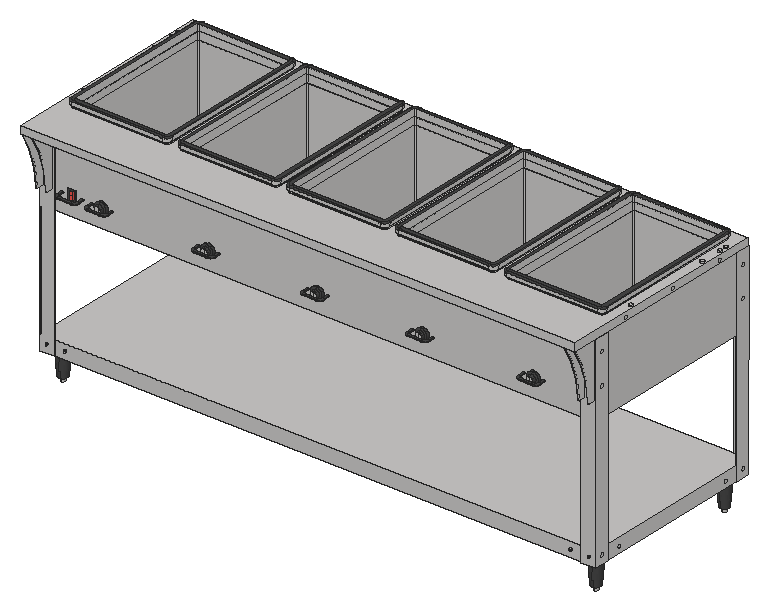
Revit family "QF_VOLLRATH_38219_SERVEWELL_SL_HOT_FOOD_TABLE", category Specialty Equipment, Revit 2022
Family settings
  Round Connector Dimension = Use Diameter
  Part Type = Normal
  Work Plane-Based = No
  Always vertical = Yes
  Cut with Voids When Loaded = No
  Maintain Annotation Orientation = No
  Shared = No
  Room Calculation Point = No
Parameters
  Weight in Pounds = 0
  Watts = 600 W
  Volts = 208 V
  URL Cutsheet = ""
  Specification by User = ""
  Specification by Manufacturer = ""
  Serial Number = ""
  Seismic Rating = ""
  SMACNA No = ""
  Revision Code = ""
  Phase = 1
  Number of Poles = 1
  NAFEM Spec ID Number = ""
  Model = "38219"
  Min Ckt Ampacity = 0 A
  Max Overcurrent Protection = 0 A
  Masterspec = ""
  Manufacturer = "VOLLRATH"
  Length = 76"
  Item Number = ""
  Installed By = ""
  Identify Quantity as Lot = yes
  Height = 34"
  HP = ""
  Furnished By = ""
  Foodservice Equipment Identifier = yes
  FL Amps = 30 A
  Electrical Remarks = ""
  Electric Connection Type = ""
  Elec Conn RI Height = 0"
  Elec Conn Connection Height = 0"
  Description = "SERVEWELL SL HOT FOOD TABLE"
  Depth = 29 1/2"
  Default Elevation = 0"
  Cycle = 0 Hz
  Conn Plug = "NEMA 6-30P"
  Conn Conduit = yes
  CSI MasterFormat = ""
  Apparent Power = if(Phase = 3, Volts * FL Amps * 1.73, Volts * FL Amps)  # 6240 VA
Reference planes (in)
  plane 1 "BACK": y = 0
  plane 2: z = 0
  plane 3 "LEFT": x = 0
  plane 4 "RIGHT": x = 76
  plane 5 "FRONT": y = -29.5
  plane 6 "TOP": z = 34
  plane 7 "Center Y": x = 38
  plane 8 "Center X": y = -14.75
Dimensions and locks (in)
  equal spacing: plane 3 "LEFT", plane 7 "Center Y", plane 4 "RIGHT"
  "Length": plane 3 "LEFT" to plane 4 "RIGHT"
  equal spacing: plane 5 "FRONT", plane 8 "Center X", plane 1 "BACK"
  "Depth": plane 5 "FRONT" to plane 1 "BACK"
  "Height": plane 6 "TOP" to level
  nested 1 to level = 4"
  plane 4 "RIGHT" to plane 3 "LEFT" = 76"
  aligned and locked: level to plane 2
Nested families (in)
  nested 1: "QF_VOLLRATH_38203" at (0, 0, 0), type "QF_VOLLRATH_38203"
Connectors (in)
  electrical at (4.37729, -23.99392, 21.75393)
    settings: on nested 1, index 1, voltage 120 V, apparent load 0 VA, apparent load phase1 0 VA, apparent load phase2 0 VA, apparent load phase3 0 VA, power factor 1, load classification "Other", number of poles 1, system type 30, power factor state 1, is connector primary yes, connector utility no, sub classification motor no, connector description "ELECTRICAL CONNECTION"
Definition of nested family "QF_VOLLRATH_38203"
  Parameters (values of type "QF_VOLLRATH_38203")
    Weight in Pounds = 0
    Watts = 480 W
    Volts = 120 V
    URL Cutsheet = ""
    Specification by User = ""
    Specification by Manufacturer = ""
    Serial Number = ""
    Seismic Rating = ""
    SMACNA No = ""
    Revision Code = ""
    Phase = 0
    Number of Poles = 1
    NAFEM Spec ID Number = ""
    Model = "38204"
    Min Ckt Ampacity = 0 A
    Max Overcurrent Protection = 0 A
    Masterspec = ""
    Manufacturer = "VOLLRATH"
    Length = 76"
    Item Number = ""
    Installed By = ""
    Identify Quantity as Lot = yes
    Height = 34"
    HP = ""
    Furnished By = ""
    Foodservice Equipment Identifier = yes
    FL Amps = 15 A
    Electrical Remarks = ""
    Electric Connection Type = ""
    Elec Conn RI Height = 0"
    Elec Conn Connection Height = 0"
    Description = "SERVEWELL SL HOT FOOD TABLE"
    Depth = 29 1/2"
    Default Elevation = 0"
    Cycle = 0 Hz
    Conn Plug = "NEMA 5-20P"
    Conn Conduit = yes
    CSI MasterFormat = ""
    Apparent Power = if(Phase = 3, Volts * FL Amps * 1.73, Volts * FL Amps)  # 1800 VA
  Reference planes (in)
    plane 1 "BACK": y = 0
    plane 2: z = 0
    plane 3 "LEFT": x = 0
    plane 4 "RIGHT": x = 76
    plane 5 "FRONT": y = -29.5
    plane 6 "TOP": z = 34
    plane 7 "Center Y": x = 38
    plane 8 "Center X": y = -14.75
    plane 9: z = 4
    plane 10: y = -26
    plane 11: z = 6
    plane 12: x = 1.5
    plane 13: y = -18.1465
  Forms (in)
    Extrusion 1, solid
      sketch origin (-38.39759, -180, 34) x (-1, 0, 0) y (0, -1, 0)
        loop
          line (-38.39759, -180) -> (-38.39759, -150.5) -> (-114.39759, -150.5) -> (-114.39759, -180) -> (-38.39759, -180)
        loop
          arc (-52.9681, -178.35363) -> (-52.92233, -178.46411) -> (-52.81185, -178.50988) r 0.15625
          line (-52.81185, -178.50988) -> (-40.4056, -178.50988)
          arc (-40.4056, -178.50988) -> (-40.29511, -178.46411) -> (-40.24935, -178.35363) r 0.15625
          line (-40.24935, -178.35363) -> (-40.24935, -157.60363)
          arc (-40.24935, -157.60363) -> (-40.29511, -157.49314) -> (-40.4056, -157.44738) r 0.15625
          line (-40.4056, -157.44738) -> (-52.81185, -157.44738)
          arc (-52.81185, -157.44738) -> (-52.92233, -157.49314) -> (-52.9681, -157.60363) r 0.15625
          line (-52.9681, -157.60363) -> (-52.9681, -178.35363)
        loop
          line (-55.1556, -178.35363) -> (-55.1556, -157.60363)
          arc (-55.1556, -157.60363) -> (-55.20136, -157.49314) -> (-55.31185, -157.44738) r 0.15625
          line (-55.31185, -157.44738) -> (-67.7181, -157.44738)
          arc (-67.7181, -157.44738) -> (-67.82858, -157.49314) -> (-67.87435, -157.60363) r 0.15625
          line (-67.87435, -157.60363) -> (-67.87435, -178.35363)
          arc (-67.87435, -178.35363) -> (-67.82858, -178.46411) -> (-67.7181, -178.50988) r 0.15625
          line (-67.7181, -178.50988) -> (-55.31185, -178.50988)
          arc (-55.31185, -178.50988) -> (-55.20136, -178.46411) -> (-55.1556, -178.35363) r 0.15625
        loop
          arc (-70.03822, -157.60363) -> (-70.08398, -157.49314) -> (-70.19447, -157.44738) r 0.15625
          line (-70.19447, -157.44738) -> (-82.60072, -157.44738)
          arc (-82.60072, -157.44738) -> (-82.7112, -157.49314) -> (-82.75697, -157.60363) r 0.15625
          line (-82.75697, -157.60363) -> (-82.75697, -178.35363)
          arc (-82.75697, -178.35363) -> (-82.7112, -178.46411) -> (-82.60072, -178.50988) r 0.15625
          line (-82.60072, -178.50988) -> (-70.19447, -178.50988)
          arc (-70.19447, -178.50988) -> (-70.08398, -178.46411) -> (-70.03822, -178.35363) r 0.15625
          line (-70.03822, -178.35363) -> (-70.03822, -157.60363)
        loop
          line (-99.82709, -178.35363) -> (-99.82709, -157.60363)
          arc (-99.82709, -157.60363) -> (-99.87285, -157.49314) -> (-99.98334, -157.44738) r 0.15625
          line (-99.98334, -157.44738) -> (-112.38959, -157.44738)
          arc (-112.38959, -157.44738) -> (-112.50007, -157.49314) -> (-112.54584, -157.60363) r 0.15625
          line (-112.54584, -157.60363) -> (-112.54584, -178.35363)
          arc (-112.54584, -178.35363) -> (-112.50007, -178.46411) -> (-112.38959, -178.50988) r 0.15625
          line (-112.38959, -178.50988) -> (-99.98334, -178.50988)
          arc (-99.98334, -178.50988) -> (-99.87285, -178.46411) -> (-99.82709, -178.35363) r 0.15625
        loop
          arc (-97.63959, -178.35363) -> (-97.59382, -178.46411) -> (-97.48334, -178.50988) r 0.15625
          line (-97.48334, -178.50988) -> (-85.07709, -178.50988)
          arc (-85.07709, -178.50988) -> (-84.9666, -178.46411) -> (-84.92084, -178.35363) r 0.15625
          line (-84.92084, -178.35363) -> (-84.92084, -157.60363)
          arc (-84.92084, -157.60363) -> (-84.9666, -157.49314) -> (-85.07709, -157.44738) r 0.15625
          line (-85.07709, -157.44738) -> (-97.48334, -157.44738)
          arc (-97.48334, -157.44738) -> (-97.59382, -157.49314) -> (-97.63959, -157.60363) r 0.15625
          line (-97.63959, -157.60363) -> (-97.63959, -178.35363)
      from -0.90354 to -1.94773
    Extrusion 2, solid
      sketch origin (0, 0, 0) x (1, 0, 0) y (0, 1, 0)
        loop
          line (0, -26) -> (76, -26) -> (76, 0) -> (0, 0) -> (0, -26)
        loop
          arc (14.5705, -1.64637) -> (14.52474, -1.53589) -> (14.41425, -1.49012) r 0.15625
          line (14.41425, -1.49012) -> (2.008, -1.49012)
          arc (2.008, -1.49012) -> (1.89752, -1.53589) -> (1.85175, -1.64637) r 0.15625
          line (1.85175, -1.64637) -> (1.85175, -22.39637)
          arc (1.85175, -22.39637) -> (1.89752, -22.50686) -> (2.008, -22.55262) r 0.15625
          line (2.008, -22.55262) -> (14.41425, -22.55262)
          arc (14.41425, -22.55262) -> (14.52474, -22.50686) -> (14.5705, -22.39637) r 0.15625
          line (14.5705, -22.39637) -> (14.5705, -1.64637)
        loop
          arc (29.47675, -1.64637) -> (29.43099, -1.53589) -> (29.3205, -1.49012) r 0.15625
          line (29.3205, -1.49012) -> (16.91425, -1.49012)
          arc (16.91425, -1.49012) -> (16.80377, -1.53589) -> (16.758, -1.64637) r 0.15625
          line (16.758, -1.64637) -> (16.758, -22.39637)
          arc (16.758, -22.39637) -> (16.80377, -22.50686) -> (16.91425, -22.55262) r 0.15625
          line (16.91425, -22.55262) -> (29.3205, -22.55262)
          arc (29.3205, -22.55262) -> (29.43099, -22.50686) -> (29.47675, -22.39637) r 0.15625
          line (29.47675, -22.39637) -> (29.47675, -1.64637)
        loop
          arc (44.35937, -1.64637) -> (44.31361, -1.53589) -> (44.20313, -1.49012) r 0.15625
          line (44.20313, -1.49012) -> (31.79687, -1.49012)
          arc (31.79687, -1.49012) -> (31.68639, -1.53589) -> (31.64063, -1.64637) r 0.15625
          line (31.64063, -1.64637) -> (31.64063, -22.39637)
          arc (31.64063, -22.39637) -> (31.68639, -22.50686) -> (31.79687, -22.55262) r 0.15625
          line (31.79687, -22.55262) -> (44.20313, -22.55262)
          arc (44.20313, -22.55262) -> (44.31361, -22.50686) -> (44.35937, -22.39637) r 0.15625
          line (44.35937, -22.39637) -> (44.35937, -1.64637)
        loop
          arc (59.242, -1.64637) -> (59.19623, -1.53589) -> (59.08575, -1.49012) r 0.15625
          line (59.08575, -1.49012) -> (46.6795, -1.49012)
          arc (46.6795, -1.49012) -> (46.56901, -1.53589) -> (46.52325, -1.64637) r 0.15625
          line (46.52325, -1.64637) -> (46.52325, -22.39637)
          arc (46.52325, -22.39637) -> (46.56901, -22.50686) -> (46.6795, -22.55262) r 0.15625
          line (46.6795, -22.55262) -> (59.08575, -22.55262)
          arc (59.08575, -22.55262) -> (59.19623, -22.50686) -> (59.242, -22.39637) r 0.15625
          line (59.242, -22.39637) -> (59.242, -1.64637)
        loop
          arc (74.14825, -1.64637) -> (74.10248, -1.53589) -> (73.992, -1.49012) r 0.15625
          line (73.992, -1.49012) -> (61.58575, -1.49012)
          arc (61.58575, -1.49012) -> (61.47526, -1.53589) -> (61.4295, -1.64637) r 0.15625
          line (61.4295, -1.64637) -> (61.4295, -22.39637)
          arc (61.4295, -22.39637) -> (61.47526, -22.50686) -> (61.58575, -22.55262) r 0.15625
          line (61.58575, -22.55262) -> (73.992, -22.55262)
          arc (73.992, -22.55262) -> (74.10248, -22.50686) -> (74.14825, -22.39637) r 0.15625
          line (74.14825, -22.39637) -> (74.14825, -1.64637)
      from 21.87893 to 32.05227
    Extrusion 3, solid
      sketch origin (0, 0, 0) x (1, 0, 0) y (0, 1, 0)
        loop
          line (-0.0625, -26.0625) -> (1.9375, -26.0625) -> (1.9375, -26) -> (0, -26) -> (0, -24.0625) -> (-0.0625, -24.0625) -> (-0.0625, -26.0625)
        loop
          line (-0.0625, 0.0625) -> (-0.0625, -1.9375) -> (0, -1.9375) -> (0, 0) -> (1.9375, 0) -> (1.9375, 0.0625) -> (-0.0625, 0.0625)
        loop
          line (76.0625, -26.0625) -> (76.0625, -24.0625) -> (76, -24.0625) -> (76, -26) -> (74.0625, -26) -> (74.0625, -26.0625) -> (76.0625, -26.0625)
        loop
          line (76.0625, 0.0625) -> (74.0625, 0.0625) -> (74.0625, 0) -> (76, 0) -> (76, -1.9375) -> (76.0625, -1.9375) -> (76.0625, 0.0625)
      from 4 to 32.05227
    Extrusion 4, solid
      sketch origin (0, -180, 4) x (-1, 0, 0) y (0, -1, 0)
        loop
          line (0, -180) -> (0, -154) -> (-76, -154) -> (-76, -180) -> (0, -180)
      from 0 to 2
    Sweep 5, solid
      path origin (0, 0, 0) x (1, 0, 0) y (0, 1, 0)
        loop
          arc (2.008, -1.14637) -> (1.65445, -1.29282) -> (1.508, -1.64637) r 0.5
          line (1.508, -1.64637) -> (1.508, -22.39637)
          arc (1.508, -22.39637) -> (1.65445, -22.74993) -> (2.008, -22.89637) r 0.5
          line (2.008, -22.89637) -> (14.41425, -22.89637)
          arc (14.41425, -22.89637) -> (14.76781, -22.74993) -> (14.91425, -22.39637) r 0.5
          line (14.91425, -22.39637) -> (14.91425, -1.64637)
          arc (14.91425, -1.64637) -> (14.76781, -1.29282) -> (14.41425, -1.14637) r 0.5
          line (14.41425, -1.14637) -> (2.008, -1.14637)
      profile origin (8.21113, -1.14637, 0) x (0, 1, 0) y (0, 0, 1)
        loop
          arc (0.21875, 33.86984) -> (0.18063, 33.96188) -> (0.08859, 34) r 0.13016
          line (0.08859, 34) -> (-0.34375, 34) -> (-0.34375, 21.87893) -> (0, 21.87893) -> (0, 33.09646)
          arc (0, 33.09646) -> (-0.07256, 33.26176) -> (-0.03125, 33.4375) r 0.285
          line (-0.03125, 33.4375) -> (0.21875, 33.4375) -> (0.21875, 33.86984)
    Extrusion 6, solid
      sketch origin (0, 0, 0) x (0, 1, 0) y (0, 0, 1)
        loop
          arc (-29.38523, 32.05227) -> (-27.76168, 28.48926) -> (-27.05801, 24.63752) r 15.90135
          arc (-27.05801, 24.63752) -> (-26.98006, 24.47007) -> (-26.80842, 24.40183) r 0.25
          line (-26.80842, 24.40183) -> (-26.0625, 24.40183) -> (-26.0625, 32.05227) -> (-29.38523, 32.05227)
      from 0.19267 to 0.26943
    Extrusion 7, solid
      sketch origin (1.38301, 0, 0) x (0, 1, 0) y (0, 0, 1)
        loop
          arc (-29.38523, 32.05227) -> (-27.76168, 28.48926) -> (-27.05801, 24.63752) r 15.90135
          arc (-27.05801, 24.63752) -> (-26.98006, 24.47007) -> (-26.80842, 24.40183) r 0.25
          line (-26.80842, 24.40183) -> (-26.0625, 24.40183) -> (-26.0625, 32.05227) -> (-29.38523, 32.05227)
      from 0.12501 to 0.21028
    Revolve 8, solid
      sketch origin (8.383, 0.0625, 0) x (0, 1, 0) y (0, 0, 1)
        loop
          line (-26.0625, 24.44451) -> (-26.0625, 25.25473) -> (-26.36725, 25.25473) -> (-26.50448, 24.94383) -> (-26.8125, 24.8613) -> (-26.8125, 24.44451) -> (-26.0625, 24.44451)
        axis (-26.8125, 24.44451) -> (-26.0625, 24.44451)
      angle from 0 to 360
    Sweep 9, solid
      path origin (0, 0, 0) x (1, 0, 0) y (0, 1, 0)
        loop
          line (7, -26) -> (7, -26.83521)
          arc (7, -26.83521) -> (7.12149, -27.12851) -> (7.41479, -27.25) r 0.41479
          line (7.41479, -27.25) -> (9.33594, -27.25)
          arc (9.33594, -27.25) -> (9.62872, -27.12872) -> (9.75, -26.83594) r 0.41406
          line (9.75, -26.83594) -> (9.75, -26)
      profile origin (8.37537, -27.25, 0) x (0, 1, 0) y (0, 0, 1)
        loop
          circle (0, 24.4375) r 0.125
    Revolve 10, solid
      sketch origin (23, 0.0625, 0) x (0, 1, 0) y (0, 0, 1)
        loop
          line (-26.0625, 24.44451) -> (-26.0625, 25.25473) -> (-26.36725, 25.25473) -> (-26.50448, 24.94383) -> (-26.8125, 24.8613) -> (-26.8125, 24.44451) -> (-26.0625, 24.44451)
        axis (-26.8125, 24.44451) -> (-26.0625, 24.44451)
      angle from 0 to 360
    Sweep 11, solid
      path origin (-0.37852, 0, 0) x (1, 0, 0) y (0, 1, 0)
        loop
          line (22, -26) -> (22, -26.83521)
          arc (22, -26.83521) -> (22.12149, -27.12851) -> (22.41479, -27.25) r 0.41479
          line (22.41479, -27.25) -> (24.33594, -27.25)
          arc (24.33594, -27.25) -> (24.62872, -27.12872) -> (24.75, -26.83594) r 0.41406
          line (24.75, -26.83594) -> (24.75, -26)
      profile origin (22.99685, -27.25, 0) x (0, 1, 0) y (0, 0, 1)
        loop
          circle (0, 24.4375) r 0.125
    Revolve 12, solid
      sketch origin (37.992, 0.0625, 0) x (0, 1, 0) y (0, 0, -1)
        loop
          line (-26.0625, -24.44451) -> (-26.8125, -24.44451) -> (-26.8125, -24.8613) -> (-26.50448, -24.94383) -> (-26.36725, -25.25473) -> (-26.0625, -25.25473) -> (-26.0625, -24.44451)
        axis (-26.8125, -24.44451) -> (-26.0625, -24.44451)
      angle from 0 to 360
    Sweep 13, solid
      path origin (46, 0, 0) x (-1, 0, 0) y (0, -1, 0)
        loop
          line (-7.6875, 26) -> (-7.6875, 26.83521)
          arc (-7.6875, 26.83521) -> (-7.56601, 27.12851) -> (-7.27271, 27.25) r 0.41479
          line (-7.27271, 27.25) -> (-5.35156, 27.25)
          arc (-5.35156, 27.25) -> (-5.05878, 27.12872) -> (-4.9375, 26.83594) r 0.41406
          line (-4.9375, 26.83594) -> (-4.9375, 26)
      profile origin (52.31213, -27.25, 0) x (0, -1, 0) y (0, 0, 1)
        loop
          circle (0, 24.4375) r 0.125
    Extrusion 14, solid
      sketch origin (0, -26, 0) x (1, 0, 0) y (0, 0, 1)
        loop
          line (3.81326, 25.25117) -> (3.81326, 23.75117) -> (4.81326, 23.75117) -> (4.81326, 25.25117) -> (3.81326, 25.25117)
        loop
          line (4.10495, 25.04634) -> (4.10495, 24.03072) -> (4.52019, 24.03072) -> (4.52019, 25.04634) -> (4.10495, 25.04634)
      from 0 to 0.0625
    Extrusion 15, solid
      sketch origin (4.10495, -26, 24.53072) x (0, 0, 1) y (0, -1, 0)
        loop
          line (0.51563, 0.0625) -> (0.51563, 0.12731) -> (0.05202, 0.12731) -> (-0.49994, 0.20488) -> (-0.49994, 0.0625) -> (0.51563, 0.0625)
      from 0 to 0.41524
    Sweep 16, solid
      path origin (-4.03125, 0, 0) x (1, 0, 0) y (0, 1, 0)
        loop
          line (7, -26) -> (7, -26.83521)
          arc (7, -26.83521) -> (7.12149, -27.12851) -> (7.41479, -27.25) r 0.41479
          line (7.41479, -27.25) -> (9.33594, -27.25)
          arc (9.33594, -27.25) -> (9.62872, -27.12872) -> (9.75, -26.83594) r 0.41406
          line (9.75, -26.83594) -> (9.75, -26)
      profile origin (4.34412, -27.25, 0) x (0, 1, 0) y (0, 0, 1)
        loop
          circle (0, 24.4375) r 0.125
    Extrusion 17, solid
      sketch origin (-38.39759, -180, 33.09646) x (-1, 0, 0) y (0, -1, 0)
        loop
          circle (-38.90258, -176.94303) r 0.25
        loop
          circle (-38.90258, -175.89791) r 0.25
        loop
          circle (-38.93459, -172.90202) r 0.25
        loop
          circle (-38.96584, -160.74577) r 0.25
      from 0 to 0.0625
    Extrusion 18, solid
      sketch origin (0.1875, 0, 21.87893) x (0, 1, 0) y (1, 0, 0)
        loop
          circle (-23.99392, 4.18979) r 0.5
      from 0 to 0.125
    Extrusion 19, solid
      sketch origin (0, 0, 21.87893) x (0, 1, 0) y (1, 0, 0)
        loop
          circle (-19.65551, 8.32474) r 0.5
        loop
          circle (-19.65551, 22.82474) r 0.5
        loop
          circle (-19.65551, 38) r 0.5
        loop
          circle (-19.65551, 67.67526) r 0.5
        loop
          circle (-19.65551, 53.17526) r 0.5
        loop
          circle (-19.65551, 8.32474) r 0.5625
        loop
          circle (-19.65551, 22.82474) r 0.5625
        loop
          circle (-19.65551, 38) r 0.5625
        loop
          circle (-19.65551, 53.17526) r 0.5625
        loop
          circle (-19.65551, 67.67526) r 0.5625
      from 0 to 2
    Extrusion 20, solid
      sketch origin (0, 0, 0) x (1, 0, 0) y (0, 0, 1)
        loop
          arc (8.11974, 21.11331) -> (7.98829, 20.87122) -> (8.15928, 20.65522) r 0.25
          line (8.15928, 20.65522) -> (8.15928, 19.87893) -> (8.44974, 19.87893) -> (8.44974, 20.65323)
          arc (8.44974, 20.65323) -> (8.62739, 20.87543) -> (8.48208, 21.12001) r 0.25
          line (8.48208, 21.12001) -> (8.48208, 21.37213) -> (8.11974, 21.37213) -> (8.11974, 21.11331)
      from 20.74955 to 20.32975
    Extrusion 21, solid
      sketch origin (0, 0, 0) x (1, 0, 0) y (0, 0, 1)
        loop
          circle (8.30179, 20.88613) r 0.25
      from 20.15525 to 20.32975
    Extrusion 22, solid
      sketch origin (-0.47959, 0, 0) x (1, 0, 0) y (0, 0, 1)
        loop
          arc (23.11974, 21.11331) -> (22.98829, 20.87122) -> (23.15928, 20.65522) r 0.25
          line (23.15928, 20.65522) -> (23.15928, 19.87893) -> (23.44974, 19.87893) -> (23.44974, 20.65323)
          arc (23.44974, 20.65323) -> (23.62739, 20.87543) -> (23.48208, 21.12001) r 0.25
          line (23.48208, 21.12001) -> (23.48208, 21.37213) -> (23.11974, 21.37213) -> (23.11974, 21.11331)
      from 20.74955 to 20.32975
    Extrusion 23, solid
      sketch origin (-0.47278, 0, 0) x (1, 0, 0) y (0, 0, 1)
        loop
          circle (23.30179, 20.88613) r 0.25
      from 20.15525 to 20.32975
    Extrusion 24, solid
      sketch origin (30.18325, 0, 0) x (1, 0, 0) y (0, 0, 1)
        loop
          arc (22.80724, 21.11331) -> (22.67579, 20.87122) -> (22.84678, 20.65522) r 0.25
          line (22.84678, 20.65522) -> (22.84678, 19.87893) -> (23.13724, 19.87893) -> (23.13724, 20.65323)
          arc (23.13724, 20.65323) -> (23.31489, 20.87543) -> (23.16958, 21.12001) r 0.25
          line (23.16958, 21.12001) -> (23.16958, 21.37213) -> (22.80724, 21.37213) -> (22.80724, 21.11331)
      from 20.74955 to 20.32975
    Extrusion 25, solid
      sketch origin (30.18325, 0, 0) x (1, 0, 0) y (0, 0, 1)
        loop
          circle (22.98929, 20.88613) r 0.25
      from 20.15525 to 20.32975
    Extrusion 26, solid
      sketch origin (76, 0, 34) x (0, -1, 0) y (0, 0, -1)
        loop
          circle (25.09699, 3.76064) r 0.17669
        loop
          circle (25.09699, 8.01064) r 0.17669
        loop
          circle (25.09699, 28.76064) r 0.17669
        loop
          circle (22.10841, 29.02211) r 0.17669
        loop
          circle (3.92282, 29.02211) r 0.17669
        loop
          circle (0.93013, 28.81284) r 0.17669
        loop
          circle (0.93013, 7.8989) r 0.17669
        loop
          circle (0.93013, 3.74659) r 0.17669
        loop
          circle (20.96222, 1.42378) r 0.17669
        loop
          circle (12.96222, 1.42378) r 0.17669
        loop
          circle (4.96222, 1.42378) r 0.17669
      from 0 to 0.125
    Extrusion 27, solid
      sketch origin (0, 0, 34) x (0, -1, 0) y (0, 0, 1)
        loop
          circle (25.09699, -3.76064) r 0.17669
        loop
          circle (25.09699, -8.01064) r 0.17669
        loop
          circle (25.09699, -28.76064) r 0.17669
        loop
          circle (22.10841, -29.02211) r 0.17669
        loop
          circle (3.92282, -29.02211) r 0.17669
        loop
          circle (0.93013, -28.81284) r 0.17669
        loop
          circle (0.93013, -7.8989) r 0.17669
        loop
          circle (0.93013, -3.74659) r 0.17669
        loop
          circle (20.96222, -1.42378) r 0.17669
        loop
          circle (12.96222, -1.42378) r 0.17669
        loop
          circle (4.96222, -1.42378) r 0.17669
      from 0 to 0.125
    Extrusion 28, solid
      sketch origin (76.0625, -26.0625, 0) x (-1, 0, 0) y (0, 0, -1)
        loop
          circle (0.93848, -30.25949) r 0.14866
        loop
          circle (0.93848, -26.00949) r 0.14866
        loop
          circle (75.18652, -30.25949) r 0.14866
        loop
          circle (75.18652, -26.00949) r 0.14866
        loop
          circle (75.18652, -5.09351) r 0.14866
        loop
          circle (72.68652, -5.09351) r 0.14866
        loop
          circle (0.93848, -5.09351) r 0.14866
        loop
          circle (3.43848, -5.09351) r 0.14866
      from 0 to 0.0625
    Revolve 29, solid
      sketch origin (1.5, 0, 0) x (0, 1, 0) y (0, 0, 1)
        loop
          line (-24.0625, 4) -> (-24.99188, 4) -> (-24.69114, 0.5625) -> (-24.34375, 0.5625) -> (-24.34375, 0) -> (-24.0625, 0) -> (-24.0625, 4)
        axis (-24.0625, 4) -> (-24.0625, 0)
      angle from 0 to 360
    Revolve 30, solid
      sketch origin (1.5, -26.125, 0) x (0, -1, 0) y (0, 0, -1)
        loop
          line (-24.0625, -4) -> (-24.0625, 0) -> (-24.34375, 0) -> (-24.34375, -0.5625) -> (-24.69114, -0.5625) -> (-24.99188, -4) -> (-24.0625, -4)
        axis (-24.0625, -4) -> (-24.0625, 0)
      angle from 0 to 360
    Blend 31, solid
      base sketch origin (46, 0, 0) x (-1, 0, 0) y (0, -1, 0)
        loop
          line (40.06273, 18.1465) -> (44.56273, 18.1465) -> (44.56273, 23.02664) -> (40.06273, 23.02664) -> (40.06273, 18.1465)
      top sketch origin (46, 0, 0) x (-1, 0, 0) y (0, -1, 0)
        loop
          line (40.56273, 22.52664) -> (40.56273, 18.6465) -> (44.06273, 18.6465) -> (44.06273, 22.52664) -> (40.56273, 22.52664)
      from 4 to 3.30089
    Blend 32, solid
      base sketch origin (46, -26.0164, 0) x (-1, 0, 0) y (0, -1, 0)
        loop
          line (40.06273, -18.1465) -> (40.06273, -23.02664) -> (44.56273, -23.02664) -> (44.56273, -18.1465) -> (40.06273, -18.1465)
      top sketch origin (46, -26.0164, 0) x (-1, 0, 0) y (0, -1, 0)
        loop
          line (40.56273, -22.52664) -> (44.06273, -22.52664) -> (44.06273, -18.6465) -> (40.56273, -18.6465) -> (40.56273, -22.52664)
      from 4 to 3.30089
    Extrusion 33, solid
      sketch origin (45.98841, 0, 0) x (-1, 0, 0) y (0, 0, -1)
        loop
          line (7.80724, -21.11331) -> (7.80724, -21.37213) -> (8.16958, -21.37213) -> (8.16958, -21.12001)
          arc (8.16958, -21.12001) -> (8.31489, -20.87543) -> (8.13724, -20.65323) r 0.25
          line (8.13724, -20.65323) -> (8.13724, -19.87893) -> (7.84678, -19.87893) -> (7.84678, -20.65522)
          arc (7.84678, -20.65522) -> (7.67579, -20.87122) -> (7.80724, -21.11331) r 0.25
      from 20.74955 to 20.32975
    Extrusion 34, solid
      sketch origin (61.48416, 0, 0) x (-1, 0, 0) y (0, 0, -1)
        loop
          circle (8.30179, -20.88613) r 0.25
      from 20.15525 to 20.32975
    Extrusion 35, solid
      sketch origin (45.9816, 0, 0) x (-1, 0, 0) y (0, 0, -1)
        loop
          circle (7.98929, -20.88613) r 0.25
      from 20.15525 to 20.32975
    Revolve 36, solid
      sketch origin (52.367, 0.0625, 0) x (0, 1, 0) y (0, 0, -1)
        loop
          line (-26.0625, -24.44451) -> (-26.8125, -24.44451) -> (-26.8125, -24.8613) -> (-26.50448, -24.94383) -> (-26.36725, -25.25473) -> (-26.0625, -25.25473) -> (-26.0625, -24.44451)
        axis (-26.8125, -24.44451) -> (-26.0625, -24.44451)
      angle from 0 to 360
    Revolve 37, solid
      sketch origin (74.5, 0, 0) x (0, 1, 0) y (0, 0, -1)
        loop
          line (-24.0625, -4) -> (-24.0625, 0) -> (-24.34375, 0) -> (-24.34375, -0.5625) -> (-24.69114, -0.5625) -> (-24.99188, -4) -> (-24.0625, -4)
        axis (-24.0625, -4) -> (-24.0625, 0)
      angle from 0 to 360
    Revolve 38, solid
      sketch origin (74.5, -26.125, 0) x (0, -1, 0) y (0, 0, 1)
        loop
          line (-24.0625, 4) -> (-24.99188, 4) -> (-24.69114, 0.5625) -> (-24.34375, 0.5625) -> (-24.34375, 0) -> (-24.0625, 0) -> (-24.0625, 4)
        axis (-24.0625, 4) -> (-24.0625, 0)
      angle from 0 to 360
    Blend 39, solid
      base sketch origin (30, 0, 0) x (1, 0, 0) y (0, 1, 0)
        loop
          line (40.06273, -18.1465) -> (40.06273, -23.02664) -> (44.56273, -23.02664) -> (44.56273, -18.1465) -> (40.06273, -18.1465)
      top sketch origin (30, 0, 0) x (1, 0, 0) y (0, 1, 0)
        loop
          line (40.56273, -22.52664) -> (44.06273, -22.52664) -> (44.06273, -18.6465) -> (40.56273, -18.6465) -> (40.56273, -22.52664)
      from 4 to 3.30089
    Blend 40, solid
      base sketch origin (30, -26.0164, 0) x (1, 0, 0) y (0, 1, 0)
        loop
          line (40.06273, 18.1465) -> (44.56273, 18.1465) -> (44.56273, 23.02664) -> (40.06273, 23.02664) -> (40.06273, 18.1465)
      top sketch origin (30, -26.0164, 0) x (1, 0, 0) y (0, 1, 0)
        loop
          line (40.56273, 22.52664) -> (40.56273, 18.6465) -> (44.06273, 18.6465) -> (44.06273, 22.52664) -> (40.56273, 22.52664)
      from 4 to 3.30089
    Extrusion 41, solid
      sketch origin (76, 0, 0) x (0, 1, 0) y (0, 0, -1)
        loop
          line (-29.38523, -32.05227) -> (-26.0625, -32.05227) -> (-26.0625, -24.40183) -> (-26.80842, -24.40183)
          arc (-26.80842, -24.40183) -> (-26.98006, -24.47007) -> (-27.05801, -24.63752) r 0.25
          arc (-27.05801, -24.63752) -> (-27.76168, -28.48926) -> (-29.38523, -32.05227) r 15.90135
      from 0.19267 to 0.26943
    Extrusion 42, solid
      sketch origin (74.61699, 0, 0) x (0, 1, 0) y (0, 0, -1)
        loop
          line (-29.38523, -32.05227) -> (-26.0625, -32.05227) -> (-26.0625, -24.40183) -> (-26.80842, -24.40183)
          arc (-26.80842, -24.40183) -> (-26.98006, -24.47007) -> (-27.05801, -24.63752) r 0.25
          arc (-27.05801, -24.63752) -> (-27.76168, -28.48926) -> (-29.38523, -32.05227) r 15.90135
      from 0.12501 to 0.21028
    Sweep 43, solid
      path origin (14.90625, 0, 0) x (1, 0, 0) y (0, 1, 0)
        loop
          arc (2.008, -1.14637) -> (1.65445, -1.29282) -> (1.508, -1.64637) r 0.5
          line (1.508, -1.64637) -> (1.508, -22.39637)
          arc (1.508, -22.39637) -> (1.65445, -22.74993) -> (2.008, -22.89637) r 0.5
          line (2.008, -22.89637) -> (14.41425, -22.89637)
          arc (14.41425, -22.89637) -> (14.76781, -22.74993) -> (14.91425, -22.39637) r 0.5
          line (14.91425, -22.39637) -> (14.91425, -1.64637)
          arc (14.91425, -1.64637) -> (14.76781, -1.29282) -> (14.41425, -1.14637) r 0.5
          line (14.41425, -1.14637) -> (2.008, -1.14637)
      profile origin (23.11738, -1.14637, 0) x (0, 1, 0) y (0, 0, 1)
        loop
          arc (0.21875, 33.86984) -> (0.18063, 33.96188) -> (0.08859, 34) r 0.13016
          line (0.08859, 34) -> (-0.34375, 34) -> (-0.34375, 21.87893) -> (0, 21.87893) -> (0, 33.09646)
          arc (0, 33.09646) -> (-0.07256, 33.26176) -> (-0.03125, 33.4375) r 0.285
          line (-0.03125, 33.4375) -> (0.21875, 33.4375) -> (0.21875, 33.86984)
    Sweep 44, solid
      path origin (29.78887, 0, 0) x (1, 0, 0) y (0, 1, 0)
        loop
          arc (2.008, -1.14637) -> (1.65445, -1.29282) -> (1.508, -1.64637) r 0.5
          line (1.508, -1.64637) -> (1.508, -22.39637)
          arc (1.508, -22.39637) -> (1.65445, -22.74993) -> (2.008, -22.89637) r 0.5
          line (2.008, -22.89637) -> (14.41425, -22.89637)
          arc (14.41425, -22.89637) -> (14.76781, -22.74993) -> (14.91425, -22.39637) r 0.5
          line (14.91425, -22.39637) -> (14.91425, -1.64637)
          arc (14.91425, -1.64637) -> (14.76781, -1.29282) -> (14.41425, -1.14637) r 0.5
          line (14.41425, -1.14637) -> (2.008, -1.14637)
      profile origin (38, -1.14637, 0) x (0, 1, 0) y (0, 0, 1)
        loop
          arc (0.21875, 33.86984) -> (0.18063, 33.96188) -> (0.08859, 34) r 0.13016
          line (0.08859, 34) -> (-0.34375, 34) -> (-0.34375, 21.87893) -> (0, 21.87893) -> (0, 33.09646)
          arc (0, 33.09646) -> (-0.07256, 33.26176) -> (-0.03125, 33.4375) r 0.285
          line (-0.03125, 33.4375) -> (0.21875, 33.4375) -> (0.21875, 33.86984)
    Sweep 45, solid
      path origin (76, 0, 0) x (-1, 0, 0) y (0, -1, 0)
        loop
          line (2.008, 1.14637) -> (14.41425, 1.14637)
          arc (14.41425, 1.14637) -> (14.76781, 1.29282) -> (14.91425, 1.64637) r 0.5
          line (14.91425, 1.64637) -> (14.91425, 22.39637)
          arc (14.91425, 22.39637) -> (14.76781, 22.74993) -> (14.41425, 22.89637) r 0.5
          line (14.41425, 22.89637) -> (2.008, 22.89637)
          arc (2.008, 22.89637) -> (1.65445, 22.74993) -> (1.508, 22.39637) r 0.5
          line (1.508, 22.39637) -> (1.508, 1.64637)
          arc (1.508, 1.64637) -> (1.65445, 1.29282) -> (2.008, 1.14637) r 0.5
      profile origin (67.78887, -1.14637, 0) x (0, -1, 0) y (0, 0, 1)
        loop
          line (-0.21875, 33.86984) -> (-0.21875, 33.4375) -> (0.03125, 33.4375)
          arc (0.03125, 33.4375) -> (0.07256, 33.26176) -> (0, 33.09646) r 0.285
          line (0, 33.09646) -> (0, 21.87893) -> (0.34375, 21.87893) -> (0.34375, 34) -> (-0.08859, 34)
          arc (-0.08859, 34) -> (-0.18063, 33.96188) -> (-0.21875, 33.86984) r 0.13016
    Sweep 46, solid
      path origin (61.09375, 0, 0) x (-1, 0, 0) y (0, -1, 0)
        loop
          line (2.008, 1.14637) -> (14.41425, 1.14637)
          arc (14.41425, 1.14637) -> (14.76781, 1.29282) -> (14.91425, 1.64637) r 0.5
          line (14.91425, 1.64637) -> (14.91425, 22.39637)
          arc (14.91425, 22.39637) -> (14.76781, 22.74993) -> (14.41425, 22.89637) r 0.5
          line (14.41425, 22.89637) -> (2.008, 22.89637)
          arc (2.008, 22.89637) -> (1.65445, 22.74993) -> (1.508, 22.39637) r 0.5
          line (1.508, 22.39637) -> (1.508, 1.64637)
          arc (1.508, 1.64637) -> (1.65445, 1.29282) -> (2.008, 1.14637) r 0.5
      profile origin (52.88262, -1.14637, 0) x (0, -1, 0) y (0, 0, 1)
        loop
          line (-0.21875, 33.86984) -> (-0.21875, 33.4375) -> (0.03125, 33.4375)
          arc (0.03125, 33.4375) -> (0.07256, 33.26176) -> (0, 33.09646) r 0.285
          line (0, 33.09646) -> (0, 21.87893) -> (0.34375, 21.87893) -> (0.34375, 34) -> (-0.08859, 34)
          arc (-0.08859, 34) -> (-0.18063, 33.96188) -> (-0.21875, 33.86984) r 0.13016
    Extrusion 47, solid
      sketch origin (44.68325, 0, 0) x (1, 0, 0) y (0, 0, 1)
        loop
          arc (22.80724, 21.11331) -> (22.67579, 20.87122) -> (22.84678, 20.65522) r 0.25
          line (22.84678, 20.65522) -> (22.84678, 19.87893) -> (23.13724, 19.87893) -> (23.13724, 20.65323)
          arc (23.13724, 20.65323) -> (23.31489, 20.87543) -> (23.16958, 21.12001) r 0.25
          line (23.16958, 21.12001) -> (23.16958, 21.37213) -> (22.80724, 21.37213) -> (22.80724, 21.11331)
      from 20.74955 to 20.32975
    Extrusion 48, solid
      sketch origin (44.68325, 0, 0) x (1, 0, 0) y (0, 0, 1)
        loop
          circle (22.98929, 20.88613) r 0.25
      from 20.15525 to 20.32975
    Extrusion 49, solid
      sketch origin (75.98416, 0, 0) x (-1, 0, 0) y (0, 0, -1)
        loop
          circle (8.30179, -20.88613) r 0.25
      from 20.15525 to 20.32975
    Sweep 50, solid
      path origin (61.25, 0, 0) x (-1, 0, 0) y (0, -1, 0)
        loop
          line (-7.6875, 26) -> (-7.6875, 26.83521)
          arc (-7.6875, 26.83521) -> (-7.56601, 27.12851) -> (-7.27271, 27.25) r 0.41479
          line (-7.27271, 27.25) -> (-5.35156, 27.25)
          arc (-5.35156, 27.25) -> (-5.05878, 27.12872) -> (-4.9375, 26.83594) r 0.41406
          line (-4.9375, 26.83594) -> (-4.9375, 26)
      profile origin (67.56213, -27.25, 0) x (0, -1, 0) y (0, 0, 1)
        loop
          circle (0, 24.4375) r 0.125
    Revolve 51, solid
      sketch origin (67.617, 0.0625, 0) x (0, 1, 0) y (0, 0, -1)
        loop
          line (-26.0625, -24.44451) -> (-26.8125, -24.44451) -> (-26.8125, -24.8613) -> (-26.50448, -24.94383) -> (-26.36725, -25.25473) -> (-26.0625, -25.25473) -> (-26.0625, -24.44451)
        axis (-26.8125, -24.44451) -> (-26.0625, -24.44451)
      angle from 0 to 360
    Sweep 52, solid
      path origin (31.65044, 0, 0) x (-1, 0, 0) y (0, -1, 0)
        loop
          line (-7.6875, 26) -> (-7.6875, 26.83521)
          arc (-7.6875, 26.83521) -> (-7.56601, 27.12851) -> (-7.27271, 27.25) r 0.41479
          line (-7.27271, 27.25) -> (-5.35156, 27.25)
          arc (-5.35156, 27.25) -> (-5.05878, 27.12872) -> (-4.9375, 26.83594) r 0.41406
          line (-4.9375, 26.83594) -> (-4.9375, 26)
      profile origin (37.96258, -27.25, 0) x (0, -1, 0) y (0, 0, 1)
        loop
          circle (0, 24.4375) r 0.125
    Extrusion 53, solid
      sketch origin (0, 0, 21.87893) x (0, 1, 0) y (1, 0, 0)
        loop
          line (-22.39637, 1.85175) -> (-1.64637, 1.85175)
          arc (-1.64637, 1.85175) -> (-1.53589, 1.89752) -> (-1.49012, 2.008) r 0.15625
          line (-1.49012, 2.008) -> (-1.49012, 14.41425)
          arc (-1.49012, 14.41425) -> (-1.53589, 14.52474) -> (-1.64637, 14.5705) r 0.15625
          line (-1.64637, 14.5705) -> (-22.39637, 14.5705)
          arc (-22.39637, 14.5705) -> (-22.50686, 14.52474) -> (-22.55262, 14.41425) r 0.15625
          line (-22.55262, 14.41425) -> (-22.55262, 2.008)
          arc (-22.55262, 2.008) -> (-22.50686, 1.89752) -> (-22.39637, 1.85175) r 0.15625
        loop
          line (-22.39637, 16.758) -> (-1.64637, 16.758)
          arc (-1.64637, 16.758) -> (-1.53589, 16.80377) -> (-1.49012, 16.91425) r 0.15625
          line (-1.49012, 16.91425) -> (-1.49012, 29.3205)
          arc (-1.49012, 29.3205) -> (-1.53589, 29.43099) -> (-1.64637, 29.47675) r 0.15625
          line (-1.64637, 29.47675) -> (-22.39637, 29.47675)
          arc (-22.39637, 29.47675) -> (-22.50686, 29.43099) -> (-22.55262, 29.3205) r 0.15625
          line (-22.55262, 29.3205) -> (-22.55262, 16.91425)
          arc (-22.55262, 16.91425) -> (-22.50686, 16.80377) -> (-22.39637, 16.758) r 0.15625
        loop
          line (-22.39637, 31.64063) -> (-1.64637, 31.64063)
          arc (-1.64637, 31.64063) -> (-1.53589, 31.68639) -> (-1.49012, 31.79687) r 0.15625
          line (-1.49012, 31.79687) -> (-1.49012, 44.20313)
          arc (-1.49012, 44.20313) -> (-1.53589, 44.31361) -> (-1.64637, 44.35937) r 0.15625
          line (-1.64637, 44.35937) -> (-22.39637, 44.35937)
          arc (-22.39637, 44.35937) -> (-22.50686, 44.31361) -> (-22.55262, 44.20313) r 0.15625
          line (-22.55262, 44.20313) -> (-22.55262, 31.79687)
          arc (-22.55262, 31.79687) -> (-22.50686, 31.68639) -> (-22.39637, 31.64063) r 0.15625
        loop
          line (-22.39637, 46.52325) -> (-1.64637, 46.52325)
          arc (-1.64637, 46.52325) -> (-1.53589, 46.56901) -> (-1.49012, 46.6795) r 0.15625
          line (-1.49012, 46.6795) -> (-1.49012, 59.08575)
          arc (-1.49012, 59.08575) -> (-1.53589, 59.19623) -> (-1.64637, 59.242) r 0.15625
          line (-1.64637, 59.242) -> (-22.39637, 59.242)
          arc (-22.39637, 59.242) -> (-22.50686, 59.19623) -> (-22.55262, 59.08575) r 0.15625
          line (-22.55262, 59.08575) -> (-22.55262, 46.6795)
          arc (-22.55262, 46.6795) -> (-22.50686, 46.56901) -> (-22.39637, 46.52325) r 0.15625
        loop
          line (-22.39637, 61.4295) -> (-1.64637, 61.4295)
          arc (-1.64637, 61.4295) -> (-1.53589, 61.47526) -> (-1.49012, 61.58575) r 0.15625
          line (-1.49012, 61.58575) -> (-1.49012, 73.992)
          arc (-1.49012, 73.992) -> (-1.53589, 74.10248) -> (-1.64637, 74.14825) r 0.15625
          line (-1.64637, 74.14825) -> (-22.39637, 74.14825)
          arc (-22.39637, 74.14825) -> (-22.50686, 74.10248) -> (-22.55262, 73.992) r 0.15625
          line (-22.55262, 73.992) -> (-22.55262, 61.58575)
          arc (-22.55262, 61.58575) -> (-22.50686, 61.47526) -> (-22.39637, 61.4295) r 0.15625
        loop
          circle (-19.65551, 67.67526) r 0.5
        loop
          circle (-19.65551, 53.17526) r 0.5
        loop
          circle (-19.65551, 38) r 0.5
        loop
          circle (-19.65551, 22.82474) r 0.5
        loop
          circle (-19.65638, 8.32444) r 0.5
      from 0 to -0.54352
    Extrusion 54, solid
      sketch origin (114.39759, -180, 33.09646) x (1, 0, 0) y (0, 1, 0)
        loop
          circle (-38.90258, 176.94303) r 0.25
        loop
          circle (-38.90258, 175.89791) r 0.25
        loop
          circle (-38.93459, 172.90202) r 0.25
        loop
          circle (-38.96584, 160.74577) r 0.25
      from 0 to 0.0625
  Cuts and joins
    joined: Extrusion 2, Extrusion 3, Extrusion 4
  Lines and regions (in)
    Split face 1
      outline origin (0, -26, 32.05227) x (0, 0, -1) y (1, 0, 0)
        loop
          line (6.04686, 9.36933) -> (6.48436, 9.36933) -> (6.48436, 10.36933) -> (6.04686, 10.36933) -> (6.04686, 9.36933)
    Split face 2
      outline origin (0, -26, 32.05227) x (0, 0, -1) y (1, 0, 0)
        loop
          circle (6.79224, 9.82181) r 0.16586
    Split face 3
      outline origin (0.25, -26, 32.05227) x (0, 0, -1) y (1, 0, 0)
        loop
          line (6.04686, 38.30683) -> (6.48436, 38.30683) -> (6.48436, 39.30683) -> (6.04686, 39.30683) -> (6.04686, 38.30683)
    Split face 4
      outline origin (0.25, -26, 32.05227) x (0, 0, -1) y (1, 0, 0)
        loop
          circle (6.79224, 38.79056) r 0.16586
    Split face 5
      outline origin (0.125, -26, 32.05227) x (0, 0, -1) y (1, 0, 0)
        loop
          line (6.04686, 53.05683) -> (6.48436, 53.05683) -> (6.48436, 54.05683) -> (6.04686, 54.05683) -> (6.04686, 53.05683)
    Split face 6
      outline origin (0.125, -26, 32.05227) x (0, 0, -1) y (1, 0, 0)
        loop
          circle (6.79224, 53.55618) r 0.16586
    Split face 7
      outline origin (0, -26, 32.05227) x (0, 0, -1) y (1, 0, 0)
        loop
          arc (6.95843, 13.99045) -> (6.98589, 13.92416) -> (7.05218, 13.8967) r 0.09375
          line (7.05218, 13.8967) -> (8.17718, 13.8967)
          arc (8.17718, 13.8967) -> (8.24347, 13.92416) -> (8.27093, 13.99045) r 0.09375
          line (8.27093, 13.99045) -> (8.27093, 17.92817)
          arc (8.27093, 17.92817) -> (8.24353, 17.99431) -> (8.1774, 18.0217) r 0.09353
          line (8.1774, 18.0217) -> (7.05218, 18.0217)
          arc (7.05218, 18.0217) -> (6.98589, 17.99424) -> (6.95843, 17.92795) r 0.09375
          line (6.95843, 17.92795) -> (6.95843, 13.99045)
    Split face 8
      outline origin (0, -26, 32.05227) x (0, 0, -1) y (1, 0, 0)
        loop
          line (6.04686, 23.99433) -> (6.48436, 23.99433) -> (6.48436, 24.99433) -> (6.04686, 24.99433) -> (6.04686, 23.99433)
    Split face 9
      outline origin (0, -26, 32.05227) x (0, 0, -1) y (1, 0, 0)
        loop
          circle (6.79224, 24.46081) r 0.16586
    Split face 10
      outline origin (0, -26, 32.05227) x (0, 0, -1) y (1, 0, 0)
        loop
          line (6.04686, 68.49433) -> (6.48436, 68.49433) -> (6.48436, 69.49433) -> (6.04686, 69.49433) -> (6.04686, 68.49433)
    Split face 11
      outline origin (0, -26, 32.05227) x (0, 0, -1) y (1, 0, 0)
        loop
          circle (6.79224, 68.93118) r 0.16586
    symbolic lines
      curve 1: line (0, 0, 0) -> (0, -29.5, 0)
      curve 2: line (0, -29.5, 0) -> (76, -29.5, 0)
      curve 3: line (76, -29.5, 0) -> (76, 0, 0)
      curve 4: line (76, 0, 0) -> (0, 0, 0)
      curve 5: arc (8.32444, -19.15638, 0) -> (8.82444, -19.65638, 0) -> (8.32444, -20.15638, 0) r 0.5
      curve 6: arc (8.32444, -20.15638, 0) -> (7.82444, -19.65638, 0) -> (8.32444, -19.15638, 0) r 0.5
      curve 7: arc (0.81824, -19.25423, 0) -> (0.56824, -19.00423, 0) -> (0.31824, -19.25423, 0) r 0.25
      curve 8: arc (0.31824, -19.25423, 0) -> (0.56824, -19.50423, 0) -> (0.81824, -19.25423, 0) r 0.25
      curve 9: arc (0.78699, -7.09798, 0) -> (0.53699, -6.84798, 0) -> (0.28699, -7.09798, 0) r 0.25
      curve 10: arc (0.28699, -7.09798, 0) -> (0.53699, -7.34798, 0) -> (0.78699, -7.09798, 0) r 0.25
      curve 11: arc (0.75498, -4.10209, 0) -> (0.50498, -3.85209, 0) -> (0.25498, -4.10209, 0) r 0.25
      curve 12: arc (0.25498, -4.10209, 0) -> (0.50498, -4.35209, 0) -> (0.75498, -4.10209, 0) r 0.25
      curve 13: arc (0.25498, -3.05697, 0) -> (0.50498, -3.30697, 0) -> (0.75498, -3.05697, 0) r 0.25
      curve 14: arc (0.75498, -3.05697, 0) -> (0.50498, -2.80697, 0) -> (0.25498, -3.05697, 0) r 0.25
      curve 15: line (14.5705, -1.64637, 0) -> (14.5705, -22.39637, 0)
      curve 16: arc (14.5705, -22.39637, 0) -> (14.52474, -22.50686, 0) -> (14.41425, -22.55262, 0) r 0.15625
      curve 17: line (14.41425, -22.55262, 0) -> (2.008, -22.55262, 0)
      curve 18: arc (2.008, -22.55262, 0) -> (1.89752, -22.50686, 0) -> (1.85175, -22.39637, 0) r 0.15625
      curve 19: line (1.85175, -22.39637, 0) -> (1.85175, -1.64637, 0)
      curve 20: arc (1.85175, -1.64637, 0) -> (1.89752, -1.53589, 0) -> (2.008, -1.49012, 0) r 0.15625
      curve 21: line (2.008, -1.49012, 0) -> (14.41425, -1.49012, 0)
      curve 22: arc (14.41425, -1.49012, 0) -> (14.52474, -1.53589, 0) -> (14.5705, -1.64637, 0) r 0.15625
      curve 23: line (14.41425, -23.11512, 0) -> (2.008, -23.11512, 0)
      curve 24: arc (2.008, -23.11512, 0) -> (1.49977, -22.90461, 0) -> (1.28925, -22.39637, 0) r 0.71875
      curve 25: line (1.28925, -22.39637, 0) -> (1.28925, -1.64637, 0)
      curve 26: arc (1.28925, -1.64637, 0) -> (1.49977, -1.13814, 0) -> (2.008, -0.92762, 0) r 0.71875
      curve 27: line (2.008, -0.92762, 0) -> (14.41425, -0.92762, 0)
      curve 28: arc (14.41425, -0.92762, 0) -> (14.92249, -1.13814, 0) -> (15.133, -1.64637, 0) r 0.71875
      curve 29: line (15.133, -1.64637, 0) -> (15.133, -22.39637, 0)
      curve 30: arc (15.133, -22.39637, 0) -> (14.92249, -22.90461, 0) -> (14.41425, -23.11512, 0) r 0.71875
      curve 31: arc (75.18176, -19.25423, 0) -> (75.43176, -19.50423, 0) -> (75.68176, -19.25423, 0) r 0.25
      curve 32: arc (75.68176, -19.25423, 0) -> (75.43176, -19.00423, 0) -> (75.18176, -19.25423, 0) r 0.25
      curve 33: arc (75.71301, -7.09798, 0) -> (75.46301, -6.84798, 0) -> (75.21301, -7.09798, 0) r 0.25
      curve 34: arc (75.21301, -7.09798, 0) -> (75.46301, -7.34798, 0) -> (75.71301, -7.09798, 0) r 0.25
      curve 35: arc (75.24502, -4.10209, 0) -> (75.49502, -4.35209, 0) -> (75.74502, -4.10209, 0) r 0.25
      curve 36: arc (75.74502, -4.10209, 0) -> (75.49502, -3.85209, 0) -> (75.24502, -4.10209, 0) r 0.25
      curve 37: arc (75.24502, -3.05697, 0) -> (75.49502, -3.30697, 0) -> (75.74502, -3.05697, 0) r 0.25
      curve 38: arc (75.74502, -3.05697, 0) -> (75.49502, -2.80697, 0) -> (75.24502, -3.05697, 0) r 0.25
      curve 39: line (74.71075, -1.64637, 0) -> (74.71075, -22.39637, 0)
      curve 40: arc (74.71075, -22.39637, 0) -> (74.50023, -22.90461, 0) -> (73.992, -23.11512, 0) r 0.71875
      curve 41: line (73.992, -23.11512, 0) -> (61.58575, -23.11512, 0)
      curve 42: arc (61.58575, -23.11512, 0) -> (61.07751, -22.90461, 0) -> (60.867, -22.39637, 0) r 0.71875
      curve 43: line (60.867, -22.39637, 0) -> (60.867, -1.64637, 0)
      curve 44: arc (60.867, -1.64637, 0) -> (61.07751, -1.13814, 0) -> (61.58575, -0.92762, 0) r 0.71875
      curve 45: line (61.58575, -0.92762, 0) -> (73.992, -0.92762, 0)
      curve 46: arc (73.992, -0.92762, 0) -> (74.50023, -1.13814, 0) -> (74.71075, -1.64637, 0) r 0.71875
      curve 47: arc (67.67526, -20.15551, 0) -> (67.17526, -19.65551, 0) -> (67.67526, -19.15551, 0) r 0.5
      curve 48: arc (67.67526, -19.15551, 0) -> (68.17526, -19.65551, 0) -> (67.67526, -20.15551, 0) r 0.5
      curve 49: line (73.992, -22.55262, 0) -> (61.58575, -22.55262, 0)
      curve 50: arc (61.58575, -22.55262, 0) -> (61.47526, -22.50686, 0) -> (61.4295, -22.39637, 0) r 0.15625
      curve 51: line (61.4295, -22.39637, 0) -> (61.4295, -1.64637, 0)
      curve 52: arc (61.4295, -1.64637, 0) -> (61.47526, -1.53589, 0) -> (61.58575, -1.49012, 0) r 0.15625
      curve 53: line (61.58575, -1.49012, 0) -> (73.992, -1.49012, 0)
      curve 54: arc (73.992, -1.49012, 0) -> (74.10248, -1.53589, 0) -> (74.14825, -1.64637, 0) r 0.15625
      curve 55: line (74.14825, -1.64637, 0) -> (74.14825, -22.39637, 0)
      curve 56: arc (74.14825, -22.39637, 0) -> (74.10248, -22.50686, 0) -> (73.992, -22.55262, 0) r 0.15625
      curve 57: line (59.8045, -1.64637, 0) -> (59.8045, -22.39637, 0)
      curve 58: arc (59.8045, -22.39637, 0) -> (59.59398, -22.90461, 0) -> (59.08575, -23.11512, 0) r 0.71875
      curve 59: line (59.08575, -23.11512, 0) -> (46.6795, -23.11512, 0)
      curve 60: arc (46.6795, -23.11512, 0) -> (46.17126, -22.90461, 0) -> (45.96075, -22.39637, 0) r 0.71875
      curve 61: line (45.96075, -22.39637, 0) -> (45.96075, -1.64637, 0)
      curve 62: arc (45.96075, -1.64637, 0) -> (46.17126, -1.13814, 0) -> (46.6795, -0.92762, 0) r 0.71875
      curve 63: line (46.6795, -0.92762, 0) -> (59.08575, -0.92762, 0)
      curve 64: arc (59.08575, -0.92762, 0) -> (59.59398, -1.13814, 0) -> (59.8045, -1.64637, 0) r 0.71875
      curve 65: line (59.242, -1.64637, 0) -> (59.242, -22.39637, 0)
      curve 66: arc (59.242, -22.39637, 0) -> (59.19623, -22.50686, 0) -> (59.08575, -22.55262, 0) r 0.15625
      curve 67: line (59.08575, -22.55262, 0) -> (46.6795, -22.55262, 0)
      curve 68: arc (46.6795, -22.55262, 0) -> (46.56901, -22.50686, 0) -> (46.52325, -22.39637, 0) r 0.15625
      curve 69: line (46.52325, -22.39637, 0) -> (46.52325, -1.64637, 0)
      curve 70: arc (46.52325, -1.64637, 0) -> (46.56901, -1.53589, 0) -> (46.6795, -1.49012, 0) r 0.15625
      curve 71: line (46.6795, -1.49012, 0) -> (59.08575, -1.49012, 0)
      curve 72: arc (59.08575, -1.49012, 0) -> (59.19623, -1.53589, 0) -> (59.242, -1.64637, 0) r 0.15625
      curve 73: arc (53.17526, -20.15551, 0) -> (52.67526, -19.65551, 0) -> (53.17526, -19.15551, 0) r 0.5
      curve 74: arc (53.17526, -20.15551, 0) -> (53.67526, -19.65551, 0) -> (53.17526, -19.15551, 0) r 0.5
      curve 75: line (44.92188, -1.64637, 0) -> (44.92188, -22.39637, 0)
      curve 76: arc (44.92188, -22.39637, 0) -> (44.71136, -22.90461, 0) -> (44.20313, -23.11512, 0) r 0.71875
      curve 77: line (44.20313, -23.11512, 0) -> (31.79687, -23.11512, 0)
      curve 78: arc (31.79687, -23.11512, 0) -> (31.28864, -22.90461, 0) -> (31.07812, -22.39637, 0) r 0.71875
      curve 79: line (31.07812, -22.39637, 0) -> (31.07812, -1.64637, 0)
      curve 80: arc (31.07812, -1.64637, 0) -> (31.28864, -1.13814, 0) -> (31.79687, -0.92762, 0) r 0.71875
      curve 81: line (31.79687, -0.92762, 0) -> (44.20313, -0.92762, 0)
      curve 82: arc (44.20313, -0.92762, 0) -> (44.71136, -1.13814, 0) -> (44.92188, -1.64637, 0) r 0.71875
      curve 83: line (44.35937, -1.64637, 0) -> (44.35937, -22.39637, 0)
      curve 84: arc (44.35937, -22.39637, 0) -> (44.31361, -22.50686, 0) -> (44.20313, -22.55262, 0) r 0.15625
      curve 85: line (44.20313, -22.55262, 0) -> (31.79687, -22.55262, 0)
      curve 86: arc (31.79687, -22.55262, 0) -> (31.68639, -22.50686, 0) -> (31.64063, -22.39637, 0) r 0.15625
      curve 87: line (31.64063, -22.39637, 0) -> (31.64063, -1.64637, 0)
      curve 88: arc (31.64063, -1.64637, 0) -> (31.68639, -1.53589, 0) -> (31.79687, -1.49012, 0) r 0.15625
      curve 89: line (31.79687, -1.49012, 0) -> (44.20313, -1.49012, 0)
      curve 90: arc (44.20313, -1.49012, 0) -> (44.31361, -1.53589, 0) -> (44.35937, -1.64637, 0) r 0.15625
      curve 91: arc (38, -19.15551, 0) -> (37.5, -19.65551, 0) -> (38, -20.15551, 0) r 0.5
      curve 92: arc (38, -20.15551, 0) -> (38.5, -19.65551, 0) -> (38, -19.15551, 0) r 0.5
      curve 93: arc (22.82474, -20.15551, 0) -> (23.32474, -19.65551, 0) -> (22.82474, -19.15551, 0) r 0.5
      curve 94: arc (22.82474, -19.15551, 0) -> (22.32474, -19.65551, 0) -> (22.82474, -20.15551, 0) r 0.5
      curve 95: line (16.1955, -22.39637, 0) -> (16.1955, -1.64637, 0)
      curve 96: arc (16.1955, -1.64637, 0) -> (16.40602, -1.13814, 0) -> (16.91425, -0.92762, 0) r 0.71875
      curve 97: line (16.91425, -0.92762, 0) -> (29.3205, -0.92762, 0)
      curve 98: arc (29.3205, -0.92762, 0) -> (29.82874, -1.13814, 0) -> (30.03925, -1.64637, 0) r 0.71875
      curve 99: line (30.03925, -1.64637, 0) -> (30.03925, -22.39637, 0)
      curve 100: arc (30.03925, -22.39637, 0) -> (29.82874, -22.90461, 0) -> (29.3205, -23.11512, 0) r 0.71875
      curve 101: line (29.3205, -23.11512, 0) -> (16.91425, -23.11512, 0)
      curve 102: arc (16.91425, -23.11512, 0) -> (16.40602, -22.90461, 0) -> (16.1955, -22.39637, 0) r 0.71875
      curve 103: line (16.758, -22.39637, 0) -> (16.758, -1.64637, 0)
      curve 104: arc (16.758, -1.64637, 0) -> (16.80377, -1.53589, 0) -> (16.91425, -1.49012, 0) r 0.15625
      curve 105: line (16.91425, -1.49012, 0) -> (29.3205, -1.49012, 0)
      curve 106: arc (29.3205, -1.49012, 0) -> (29.43099, -1.53589, 0) -> (29.47675, -1.64637, 0) r 0.15625
      curve 107: line (29.47675, -1.64637, 0) -> (29.47675, -22.39637, 0)
      curve 108: arc (29.47675, -22.39637, 0) -> (29.43099, -22.50686, 0) -> (29.3205, -22.55262, 0) r 0.15625
      curve 109: line (29.3205, -22.55262, 0) -> (16.91425, -22.55262, 0)
      curve 110: arc (16.91425, -22.55262, 0) -> (16.80377, -22.50686, 0) -> (16.758, -22.39637, 0) r 0.15625
  Dimensions and locks (in)
    equal spacing: plane 3 "LEFT", plane 7 "Center Y", plane 4 "RIGHT"
    "Length": plane 3 "LEFT" to plane 4 "RIGHT"
    equal spacing: plane 5 "FRONT", plane 8 "Center X", plane 1 "BACK"
    "Depth": plane 5 "FRONT" to plane 1 "BACK"
    "Height": plane 6 "TOP" to level
    plane 9 to level = 4"
    plane 5 "FRONT" to plane 1 "BACK" = 29 1/2"
    plane 10 to plane 1 "BACK" = 26"
    plane 11 to plane 9 = 2"
    plane 12 to plane 3 "LEFT" = 1 1/2"
    aligned and locked: level to plane 2
  Automatic sketch dimensions
    curve 16 to curve 30 = 0"  (x2)
    curve 18 to curve 24 = 0"  (x2)
    curve 20 to curve 26 = 0"  (x2)
    curve 22 to curve 28 = 0"
    curve 1 to plane 3 "LEFT" = 0"
    curve 2 to plane 4 "RIGHT" = 0"
    plane 5 "FRONT" to curve 1 = 0"
    plane 1 "BACK" to curve 4 = 0"
    plane 3 "LEFT" to curve 12 = 0.50498"
    plane 3 "LEFT" to curve 13 = 0.50498"
    plane 3 "LEFT" to curve 9 = 0.53699"
    plane 3 "LEFT" to curve 7 = 0.56824"
    curve 25 to plane 12 = 0.21075"
    plane 12 to curve 19 = 0.35175"
    curve 19 to curve 26 = 5/32"
    curve 19 to curve 24 = 5/32"
    plane 13 to curve 6 = 1.50988"
    plane 12 to curve 6 = 6.82444"
    plane 1 "BACK" to curve 21 = 1.49012"
    curve 20 to curve 21 = 12 13/32"
    plane 10 to curve 17 = 3.44738"
    curve 5 to curve 17 = 6.08981"
    curve 22 to curve 15 = 5/32"
    plane 13 to curve 7 = 1.10773"
    curve 9 to curve 26 = 5.45161"
    curve 11 to curve 26 = 2.45572"
    curve 11 to curve 14 = 1.04512"
    curve 12 to curve 11 = 1/4"
    curve 13 to curve 13 = 1/4"
    curve 9 to curve 9 = 1/4"
    curve 8 to curve 7 = 1/4"
    curve 5 to curve 5 = 1/2"
    plane 1 "BACK" to Extrusion 1 sketch curve = 0"
    Extrusion 1 sketch curve to plane 4 "RIGHT" = 0"
    Extrusion 1 sketch curve to plane 3 "LEFT" = 0"
    plane 5 "FRONT" to Extrusion 1 sketch curve = 0"
    plane 4 "RIGHT" to Extrusion 1 sketch curve = 1.85175"
    Extrusion 1 sketch curve to Extrusion 1 sketch curve = 5/32"  (x15)
    plane 10 to Extrusion 1 sketch curve = 3.44738"  (x2)
    Extrusion 1 sketch curve to Extrusion 1 sketch curve = 12 13/32"  (x4)
    plane 1 "BACK" to Extrusion 1 sketch curve = 1.64637"  (x3)
    Extrusion 1 sketch curve to Extrusion 1 sketch curve = 2 3/16"  (x2)
    plane 7 "Center Y" to Extrusion 1 sketch curve = 8.6795"  (x2)
    Extrusion 1 sketch curve to Extrusion 1 sketch curve = 2.16387"  (x2)
    plane 1 "BACK" to Extrusion 1 sketch curve = 1.49012"  (x2)
    Extrusion 1 sketch curve to plane 7 "Center Y" = 6 13/64"  (x2)
    plane 10 to Extrusion 1 sketch curve = 3.60363"  (x2)
    plane 12 to Extrusion 1 sketch curve = 0.508"  (x2)
    Extrusion 1 sketch curve to Extrusion 1 sketch curve = 0"
    Extrusion 2 sketch curve to plane 3 "LEFT" = 0"
    Extrusion 2 sketch curve to plane 4 "RIGHT" = 0"
    Extrusion 2 sketch curve to plane 10 = 0"
    plane 1 "BACK" to Extrusion 2 sketch curve = 0"
    plane 12 to Extrusion 2 sketch curve = 0.35175"
    Extrusion 2 sketch curve to Extrusion 2 sketch curve = 5/32"  (x16)
    plane 1 "BACK" to Extrusion 2 sketch curve = 1.49012"  (x2)
    Extrusion 2 sketch curve to Extrusion 2 sketch curve = 12 13/32"  (x4)
    plane 10 to Extrusion 2 sketch curve = 3.60363"
    Extrusion 2 sketch curve to Extrusion 2 sketch curve = 2 3/16"  (x2)
    plane 10 to Extrusion 2 sketch curve = 3.44738"  (x3)
    Extrusion 2 sketch curve to plane 7 "Center Y" = 8.6795"  (x2)
    plane 1 "BACK" to Extrusion 2 sketch curve = 1.64637"  (x3)
    Extrusion 2 sketch curve to Extrusion 2 sketch curve = 2.16387"  (x2)
    plane 7 "Center Y" to Extrusion 2 sketch curve = 6 13/64"  (x2)
    plane 4 "RIGHT" to Extrusion 2 sketch curve = 2.008"  (x2)
    plane 1 "BACK" to Extrusion 3 sketch curve = 0"  (x2)
    Extrusion 3 sketch curve to plane 3 "LEFT" = 0"  (x2)
    Extrusion 3 sketch curve to plane 10 = 0"  (x2)
    Extrusion 3 sketch curve to plane 4 "RIGHT" = 0"  (x2)
    Extrusion 3 sketch curve to Extrusion 3 sketch curve = 1/16"
    Extrusion 3 sketch curve to plane 3 "LEFT" = 1/16"
    Extrusion 3 sketch curve to plane 10 = 1/16"  (x2)
    plane 12 to Extrusion 3 sketch curve = 7/16"  (x2)
